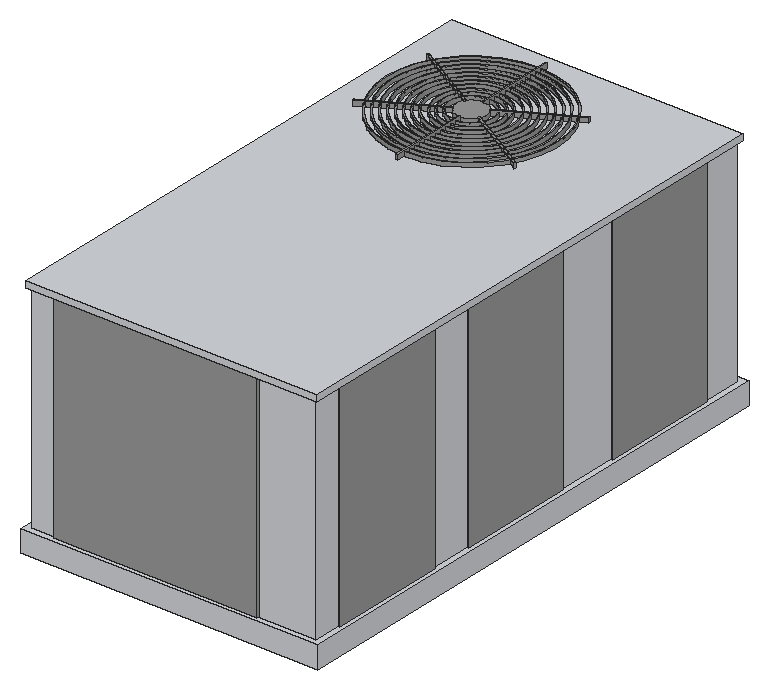
Revit family "RTU-2", category Mechanical Equipment, host Face, Revit 2025
Family settings
  Host = Face
  Round Connector Dimension = Use Diameter
  Classification = None
  Part Type = Normal
  Cut with Voids When Loaded = No
  Maintain Annotation Orientation = No
  Shared = No
  Room Calculation Point = No
Parameters (values of type "LCH 072 H4E E 1Y")
  Width = 47"
  URL = "https://tech.lennoxintl.com/C03e7o14l/VIu12Ch2uV/ehb_lch_abox_2103.pdf"
  Model = "LCH 072 H4E E 1Y"
  Manufacturer = "LENNOX"
  Length = 85 1/4"
  Grill Material = Steel, Paint Finish, Dark Gray
  Default Elevation = 48"
Reference planes (in)
  plane 1 "Center (Front/Back)": y = 0
  plane 2: z = 0
  plane 3 "Center (Left/Right)": x = 0
  plane 4: x = -30.90625
  plane 5: x = -31.90625
  plane 6: x = -32.90625
  plane 7: x = -33.90625
  plane 8: x = -34.90625
  plane 9: x = -35.90625
  plane 10: x = -36.90625
  plane 11: x = -37.90625
  plane 12: x = -38.90625
  plane 13: x = -39.90625
  plane 14: x = -40.90625
  plane 15: x = -42.34375
  plane 16: x = -41.03125
  plane 17: x = -41.90625
  plane 18: x = -41.90567
  plane 19: y = 22.75058
  plane 20: y = 21.75058
  plane 21: y = 20.75058
  plane 22: y = 19.75058
  plane 23: y = 18.75058
  plane 24: y = 17.75058
  plane 25: y = 16.75058
  plane 26: y = 15.75058
  plane 27: y = 14.75058
  plane 28: y = 13.75058
  plane 29: y = 12.75058
  plane 30: y = 11.31308
  plane 31: y = 12.62558
  plane 32: y = 11.75058
  plane 33: y = 11.75117
  plane 34: through (-19.01548, 19.50279, 94.70355) normal (0.866, 0.5, 0)
  plane 35: through (-17.13782, 18.87558, 94.70355) normal (-0.866, -0.5, 0)
  plane 36: through (6.39048, 19.50279, 94.70355) normal (0.866, -0.5, 0)
  plane 37: through (4.51282, 18.87558, 94.70355) normal (-0.866, 0.5, 0)
  plane 38: y = 38.93808
  plane 39: y = 37.62558
  plane 40: through (-19.01548, 30.74838, 94.70355) normal (-0.866, 0.5, 0)
  plane 41: through (-17.13782, 31.37558, 94.70355) normal (0.866, -0.5, 0)
  plane 42: through (6.39048, 30.74838, 94.70355) normal (-0.866, -0.5, 0)
  plane 43: through (4.51282, 31.37558, 94.70355) normal (0.866, 0.5, 0)
  plane 44: through (-34.15405, 50.35923, 110.75) normal (0.5, -0.866, 0)
  plane 45: through (-34.78125, 48.48157, 110.75) normal (-0.5, 0.866, 0)
  plane 46: through (-34.15405, 24.95327, 110.75) normal (-0.5, -0.866, 0)
  plane 47: through (-34.78125, 26.83093, 110.75) normal (0.5, 0.866, 0)
  plane 48: x = -14.71875
  plane 49: x = -16.03125
  plane 50: through (-22.90845, 50.35923, 110.75) normal (0.5, 0.866, 0)
  plane 51: through (-22.28125, 48.48157, 110.75) normal (-0.5, -0.866, 0)
  plane 52: through (-22.90845, 24.95327, 110.75) normal (-0.5, 0.866, 0)
  plane 53: through (-22.28125, 26.83093, 110.75) normal (0.5, -0.866, 0)
  plane 54: y = 16.875
  plane 55: x = 14
  plane 56: y = -16.125
  plane 57: x = 16.875
  plane 58: y = -0.75
  plane 59: x = -8.5
Forms (in)
  Extrusion 1, solid
    sketch origin (0, 0, 0) x (1, 0, 0) y (0, 1, 0)
      loop
        line (-23.5, 42.625) -> (-23.5, -42.625) -> (23.5, -42.625) -> (23.5, 42.625) -> (-23.5, 42.625)
    from 0 to 3.5
  Extrusion 2, solid, material "Steel, Paint Finish, Dark Gray" <- "Grill Material", not visible
    sketch origin (0, 0, 54.625) x (1, 0, 0) y (0, 1, 0)
      loop
        circle (-28.53125, 37.65625) r 2.375
      loop
        circle (-28.53125, 37.65625) r 3.375
      loop
        circle (-28.53125, 37.65625) r 3.5
      loop
        circle (-28.53125, 37.65625) r 4.375
      loop
        circle (-28.53125, 37.65625) r 5.25
      loop
        circle (-28.53125, 37.65625) r 4.5
      loop
        circle (-28.53125, 37.65625) r 5.375
      loop
        circle (-28.53125, 37.65625) r 6.375
      loop
        circle (-28.53125, 37.65625) r 7.375
      loop
        circle (-28.53125, 37.65625) r 9.375
      loop
        circle (-28.53125, 37.65625) r 10.375
      loop
        circle (-28.53125, 37.65625) r 11.375
      loop
        circle (-28.53125, 37.65625) r 12.375
      loop
        circle (-28.53125, 37.65625) r 12.5
      loop
        circle (-28.53125, 37.65625) r 7.5
      loop
        circle (-28.53125, 37.65625) r 9.5
      loop
        circle (-28.53125, 37.65625) r 10.5
      loop
        circle (-28.53125, 37.65625) r 11.5
      loop
        circle (-28.53125, 37.65625) r 8.375
      loop
        circle (-28.53125, 37.65625) r 8.5
      loop
        circle (-28.53125, 37.65625) r 6.5
      loop
        circle (-28.53125, 37.65625) r 13.375
      loop
        circle (-28.53125, 37.65625) r 13.5
    from 0 to 0.625
  Extrusion 3, solid, material "Steel, Paint Finish, Dark Gray" <- "Grill Material", not visible
    sketch origin (0, 0, 55.75) x (1, 0, 0) y (0, 1, 0)
      loop
        line (-43.28067, 37.78125) -> (-43.28067, 37.53125) -> (-30.90296, 37.53125)
        arc (-30.90296, 37.53125) -> (-30.90543, 37.59373) -> (-30.90625, 37.65625) r 2.375
        arc (-30.90625, 37.65625) -> (-30.90543, 37.71877) -> (-30.90296, 37.78125) r 2.375
        line (-30.90296, 37.78125) -> (-43.28067, 37.78125)
    from -1.125 to -0.3427
  Extrusion 4, solid, material "Steel, Paint Finish, Dark Gray" <- "Grill Material"
    sketch origin (31.34375, 53.65683, 38.57855) x (0, 1, 0) y (-1, 0, 0)
      loop
        circle (-28.53125, 37.65625) r 2.375
      loop
        circle (-28.53125, 37.65625) r 3.375
      loop
        circle (-28.53125, 37.65625) r 3.5
      loop
        circle (-28.53125, 37.65625) r 4.375
      loop
        circle (-28.53125, 37.65625) r 5.25
      loop
        circle (-28.53125, 37.65625) r 4.5
      loop
        circle (-28.53125, 37.65625) r 5.375
      loop
        circle (-28.53125, 37.65625) r 6.375
      loop
        circle (-28.53125, 37.65625) r 7.375
      loop
        circle (-28.53125, 37.65625) r 9.375
      loop
        circle (-28.53125, 37.65625) r 10.375
      loop
        circle (-28.53125, 37.65625) r 11.375
      loop
        circle (-28.53125, 37.65625) r 12.375
      loop
        circle (-28.53125, 37.65625) r 12.5
      loop
        circle (-28.53125, 37.65625) r 7.5
      loop
        circle (-28.53125, 37.65625) r 9.5
      loop
        circle (-28.53125, 37.65625) r 10.5
      loop
        circle (-28.53125, 37.65625) r 11.5
      loop
        circle (-28.53125, 37.65625) r 8.375
      loop
        circle (-28.53125, 37.65625) r 8.5
      loop
        circle (-28.53125, 37.65625) r 6.5
      loop
        circle (-28.53125, 37.65625) r 13.375
      loop
        circle (-28.53125, 37.65625) r 13.5
    from 0 to 0.625
  Extrusion 5, solid, material "Steel, Paint Finish, Dark Gray" <- "Grill Material"
    sketch origin (31.34375, 53.65683, 39.70355) x (0, 1, 0) y (-1, 0, 0)
      loop
        line (-43.28067, 37.78125) -> (-43.28067, 37.53125) -> (-30.90296, 37.53125)
        arc (-30.90296, 37.53125) -> (-30.90543, 37.59373) -> (-30.90625, 37.65625) r 2.375
        arc (-30.90625, 37.65625) -> (-30.90543, 37.71877) -> (-30.90296, 37.78125) r 2.375
        line (-30.90296, 37.78125) -> (-43.28067, 37.78125)
    from -1.125 to -0.3427
  Extrusion 6, solid, material "Steel, Paint Finish, Dark Gray" <- "Grill Material"
    sketch origin (37.22441, 6.77994, 39.70355) x (0.866025, 0.5, 0) y (-0.5, 0.866025, 0)
      loop
        line (-43.28067, 37.78125) -> (-43.28067, 37.53125) -> (-30.90296, 37.53125)
        arc (-30.90296, 37.53125) -> (-30.90543, 37.59373) -> (-30.90625, 37.65625) r 2.375
        arc (-30.90625, 37.65625) -> (-30.90543, 37.71877) -> (-30.90296, 37.78125) r 2.375
        line (-30.90296, 37.78125) -> (-43.28067, 37.78125)
    from -1.125 to -0.3427
  Extrusion 7, solid, material "Steel, Paint Finish, Dark Gray" <- "Grill Material"
    sketch origin (-49.84941, 6.77994, 39.70355) x (-0.866025, 0.5, 0) y (-0.5, -0.866025, 0)
      loop
        line (-43.28067, -37.78125) -> (-30.90296, -37.78125)
        arc (-30.90296, -37.78125) -> (-30.90543, -37.71877) -> (-30.90625, -37.65625) r 2.375
        arc (-30.90625, -37.65625) -> (-30.90543, -37.59373) -> (-30.90296, -37.53125) r 2.375
        line (-30.90296, -37.53125) -> (-43.28067, -37.53125) -> (-43.28067, -37.78125)
    from -1.125 to -0.3427
  Extrusion 8, solid, material "Steel, Paint Finish, Dark Gray" <- "Grill Material"
    sketch origin (31.34375, -3.40567, 39.70355) x (0, -1, 0) y (1, 0, 0)
      loop
        line (-43.28067, -37.78125) -> (-30.90296, -37.78125)
        arc (-30.90296, -37.78125) -> (-30.90543, -37.71877) -> (-30.90625, -37.65625) r 2.375
        arc (-30.90625, -37.65625) -> (-30.90543, -37.59373) -> (-30.90296, -37.53125) r 2.375
        line (-30.90296, -37.53125) -> (-43.28067, -37.53125) -> (-43.28067, -37.78125)
    from -1.125 to -0.3427
  Extrusion 9, solid, material "Steel, Paint Finish, Dark Gray" <- "Grill Material"
    sketch origin (37.22441, 43.47123, 39.70355) x (0.866025, -0.5, 0) y (0.5, 0.866025, 0)
      loop
        line (-43.28067, -37.78125) -> (-30.90296, -37.78125)
        arc (-30.90296, -37.78125) -> (-30.90543, -37.71877) -> (-30.90625, -37.65625) r 2.375
        arc (-30.90625, -37.65625) -> (-30.90543, -37.59373) -> (-30.90296, -37.53125) r 2.375
        line (-30.90296, -37.53125) -> (-43.28067, -37.53125) -> (-43.28067, -37.78125)
    from -1.125 to -0.3427
  Extrusion 10, solid, material "Steel, Paint Finish, Dark Gray" <- "Grill Material"
    sketch origin (-49.84941, 43.47123, 39.70355) x (-0.866025, -0.5, 0) y (0.5, -0.866025, 0)
      loop
        line (-43.28067, 37.78125) -> (-43.28067, 37.53125) -> (-30.90296, 37.53125)
        arc (-30.90296, 37.53125) -> (-30.90543, 37.59373) -> (-30.90625, 37.65625) r 2.375
        arc (-30.90625, 37.65625) -> (-30.90543, 37.71877) -> (-30.90296, 37.78125) r 2.375
        line (-30.90296, 37.78125) -> (-43.28067, 37.78125)
    from -1.125 to -0.3427
  Extrusion 11, solid, material "Steel, Paint Finish, Dark Gray" <- "Grill Material", not visible
    sketch origin (-46.87689, -5.88066, 55.75) x (0.5, -0.866025, 0) y (0.866025, 0.5, 0)
      loop
        line (-43.28067, 37.78125) -> (-43.28067, 37.53125) -> (-30.90296, 37.53125)
        arc (-30.90296, 37.53125) -> (-30.90543, 37.59373) -> (-30.90625, 37.65625) r 2.375
        arc (-30.90625, 37.65625) -> (-30.90543, 37.71877) -> (-30.90296, 37.78125) r 2.375
        line (-30.90296, 37.78125) -> (-43.28067, 37.78125)
    from -1.125 to -0.3427
  Extrusion 12, solid, material "Steel, Paint Finish, Dark Gray" <- "Grill Material", not visible
    sketch origin (-46.87689, 81.19316, 55.75) x (0.5, 0.866025, 0) y (-0.866025, 0.5, 0)
      loop
        line (-43.28067, -37.78125) -> (-30.90296, -37.78125)
        arc (-30.90296, -37.78125) -> (-30.90543, -37.71877) -> (-30.90625, -37.65625) r 2.375
        arc (-30.90625, -37.65625) -> (-30.90543, -37.59373) -> (-30.90296, -37.53125) r 2.375
        line (-30.90296, -37.53125) -> (-43.28067, -37.53125) -> (-43.28067, -37.78125)
    from -1.125 to -0.3427
  Extrusion 13, solid, material "Steel, Paint Finish, Dark Gray" <- "Grill Material", not visible
    sketch origin (-57.0625, 0, 55.75) x (-1, 0, 0) y (0, -1, 0)
      loop
        line (-43.28067, -37.78125) -> (-30.90296, -37.78125)
        arc (-30.90296, -37.78125) -> (-30.90543, -37.71877) -> (-30.90625, -37.65625) r 2.375
        arc (-30.90625, -37.65625) -> (-30.90543, -37.59373) -> (-30.90296, -37.53125) r 2.375
        line (-30.90296, -37.53125) -> (-43.28067, -37.53125) -> (-43.28067, -37.78125)
    from -1.125 to -0.3427
  Extrusion 14, solid, material "Steel, Paint Finish, Dark Gray" <- "Grill Material", not visible
    sketch origin (-10.18561, -5.88066, 55.75) x (-0.5, -0.866025, 0) y (0.866025, -0.5, 0)
      loop
        line (-43.28067, -37.78125) -> (-30.90296, -37.78125)
        arc (-30.90296, -37.78125) -> (-30.90543, -37.71877) -> (-30.90625, -37.65625) r 2.375
        arc (-30.90625, -37.65625) -> (-30.90543, -37.59373) -> (-30.90296, -37.53125) r 2.375
        line (-30.90296, -37.53125) -> (-43.28067, -37.53125) -> (-43.28067, -37.78125)
    from -1.125 to -0.3427
  Extrusion 15, solid, material "Steel, Paint Finish, Dark Gray" <- "Grill Material", not visible
    sketch origin (-10.18561, 81.19316, 55.75) x (-0.5, 0.866025, 0) y (-0.866025, -0.5, 0)
      loop
        line (-43.28067, 37.78125) -> (-43.28067, 37.53125) -> (-30.90296, 37.53125)
        arc (-30.90296, 37.53125) -> (-30.90543, 37.59373) -> (-30.90625, 37.65625) r 2.375
        arc (-30.90625, 37.65625) -> (-30.90543, 37.71877) -> (-30.90296, 37.78125) r 2.375
        line (-30.90296, 37.78125) -> (-43.28067, 37.78125)
    from -1.125 to -0.3427
  Extrusion 16, solid
    sketch origin (0, 0, 0) x (1, 0, 0) y (0, 1, 0)
      loop
        line (-22.5, 41.625) -> (-22.5, -41.625) -> (22.5, -41.625) -> (22.5, 41.625) -> (-22.5, 41.625)
    from 3.5 to 37.57855
  Extrusion 17, void
    sketch origin (0, 0, 0) x (1, 0, 0) y (0, 1, 0)
      loop
        line (-18.5, 8.25) -> (-18.5, -9.75) -> (1.5, -9.75) -> (1.5, 8.25) -> (-18.5, 8.25)
      loop
        line (-18, -26.25) -> (-18, -37.25) -> (12, -37.25) -> (12, -26.25) -> (-18, -26.25)
      loop
        arc (13.5, 20.875) -> (12.79289, 20.58211) -> (12.5, 19.875) r 1
        line (12.5, 19.875) -> (12.5, 13.875)
        arc (12.5, 13.875) -> (12.79289, 13.16789) -> (13.5, 12.875) r 1
        line (13.5, 12.875) -> (14.5, 12.875)
        arc (14.5, 12.875) -> (15.20711, 13.16789) -> (15.5, 13.875) r 1
        line (15.5, 13.875) -> (15.5, 19.875)
        arc (15.5, 19.875) -> (15.20711, 20.58211) -> (14.5, 20.875) r 1
        line (14.5, 20.875) -> (13.5, 20.875)
      loop
        circle (16.875, -16.125) r 1
    from 0 to 3.5
  Extrusion 18, solid
    sketch origin (0, 0, 0) x (1, 0, 0) y (0, 1, 0)
      loop
        line (-23, 42.125) -> (-23, -42.125) -> (23, -42.125) -> (23, 42.125) -> (-23, 42.125)
    from 37.57855 to 38.57855
  Extrusion 19, void
    sketch origin (0, 0, 0) x (0, 1, 0) y (0, 0, 1)
      loop
        line (39.875, 37.57855) -> (10.75738, 37.57855) -> (10.75738, 3.5) -> (39.875, 3.5) -> (39.875, 37.57855)
    from -23.5 to -21.24899
Cuts and joins
  Extrusion 17, Extrusion 19 cuts Extrusion 1
  Extrusion 17, Extrusion 19 cuts Extrusion 16
  Extrusion 19 cuts Extrusion 18
Dimensions and locks (in)
  equal spacing: Extrusion 1 sketch curve, plane 1 "Center (Front/Back)", Extrusion 1 sketch curve
  equal spacing: Extrusion 1 sketch curve, plane 3 "Center (Left/Right)", Extrusion 1 sketch curve
  "Width": Extrusion 1 sketch curve to Extrusion 1 sketch curve
  "Length": Extrusion 1 sketch curve to Extrusion 1 sketch curve
  Extrusion 1 to Extrusion 17 sketch curve = 5 3/8"
  Extrusion 1 to Extrusion 17 sketch curve = 5 1/2"
  Extrusion 1 to Extrusion 17 sketch curve = 5"
  Extrusion 1 to plane 54 = 25 3/4"
  plane 55 to Extrusion 1 = 9 1/2"
  plane 57 to Extrusion 1 = 6 5/8"
  plane 56 to Extrusion 1 = 26 1/2"
  nested 5 to level = 5 1/2"
  nested 5 to Extrusion 18 = 2"
  nested 6 to nested 5 = 18 3/8"
  cut or joined group of Extrusion 16, Extrusion 17, Extrusion 19 to cut or joined group of Extrusion 16, Extrusion 17, Extrusion 19 = 29.11762"
  equal spacing: group 3, group 4, group 5, group 6, group 7, group 8, group 9, group 10, group 11, group 12, group 13, group 14, group 15, group 16, group 17, group 18, group 19, group 20, group 21  (x2)
  equal spacing: group 21, group 20, group 19, group 18, group 17, group 16, group 15, group 14, group 13, group 12, group 11, group 10, group 9, group 8, group 7, group 6, group 5, group 4, group 3
  aligned and locked: plane 2 to host face
  aligned and locked: level to host face
Automatic sketch dimensions
  host sketch curve to host sketch curve = 96"  (x2)
  Extrusion 4 sketch curve to Extrusion 4 sketch curve = 0"  (x297)
  Extrusion 5 sketch curve to Extrusion 5 sketch curve = 2.37171"
  Extrusion 6 sketch curve to Extrusion 6 sketch curve = 2.37171"
  Extrusion 6 sketch curve to plane 34 = 0.93692"
  Extrusion 7 sketch curve to Extrusion 7 sketch curve = 2.37171"
  Extrusion 7 sketch curve to Extrusion 7 sketch curve = 0"  (x3)
  Extrusion 7 sketch curve to plane 36 = 0.93692"
  Extrusion 7 sketch curve to Extrusion 7 sketch curve = 1/8"
  Extrusion 8 sketch curve to Extrusion 8 sketch curve = 2.37171"
  Extrusion 8 sketch curve to plane 38 = 0.93692"
  Extrusion 9 sketch curve to Extrusion 9 sketch curve = 2.37171"
  Extrusion 9 sketch curve to Extrusion 9 sketch curve = 0"  (x3)
  Extrusion 9 sketch curve to plane 40 = 0.93692"
  Extrusion 9 sketch curve to Extrusion 9 sketch curve = 1/8"
  Extrusion 10 sketch curve to Extrusion 10 sketch curve = 2.37171"
  Extrusion 10 sketch curve to plane 42 = 0.93692"
  Extrusion 2 sketch curve to Extrusion 2 sketch curve = 0"  (x297)
  Extrusion 3 sketch curve to Extrusion 3 sketch curve = 2.37171"
  Extrusion 4 sketch curve to plane 19 = 2 3/8"
  Extrusion 5 sketch curve to Extrusion 5 sketch curve = 0"  (x3)
  Extrusion 5 sketch curve to plane 31 = 10.12829"
  Extrusion 6 sketch curve to Extrusion 6 sketch curve = 0"  (x3)
  Extrusion 6 sketch curve to plane 35 = 10.12829"
  Extrusion 6 sketch curve to Extrusion 6 sketch curve = 1/8"
  Extrusion 7 sketch curve to plane 37 = 10.12829"
  Extrusion 8 sketch curve to Extrusion 8 sketch curve = 0"  (x4)
  Extrusion 8 sketch curve to plane 39 = 10.12829"
  Extrusion 9 sketch curve to plane 41 = 10.12829"
  Extrusion 10 sketch curve to Extrusion 10 sketch curve = 0"  (x3)
  Extrusion 10 sketch curve to plane 43 = 10.12829"
  Extrusion 10 sketch curve to Extrusion 10 sketch curve = 1/8"
  Extrusion 5 sketch curve to plane 30 = 0.93692"
  Extrusion 5 sketch curve to Extrusion 5 sketch curve = 1/8"
  plane 33 to Extrusion 6 sketch curve = 5.89145"
  plane 33 to Extrusion 7 sketch curve = 12.29681"
  Extrusion 8 sketch curve to Extrusion 8 sketch curve = 1/8"
  plane 33 to Extrusion 9 sketch curve = 14.45202"
  plane 33 to Extrusion 10 sketch curve = 20.85738"
  Extrusion 2 sketch curve to plane 4 = 2 3/8"
  Extrusion 3 sketch curve to Extrusion 3 sketch curve = 0"  (x3)
  Extrusion 3 sketch curve to plane 16 = 10.12829"
  Extrusion 11 sketch curve to Extrusion 11 sketch curve = 0"  (x3)
  Extrusion 11 sketch curve to plane 45 = 10.12829"
  Extrusion 11 sketch curve to Extrusion 11 sketch curve = 1/8"
  Extrusion 12 sketch curve to Extrusion 12 sketch curve = 0"  (x2)
  Extrusion 12 sketch curve to plane 47 = 10.12829"
  Extrusion 13 sketch curve to Extrusion 13 sketch curve = 0"  (x4)
  Extrusion 13 sketch curve to plane 49 = 10.12829"
  Extrusion 14 sketch curve to Extrusion 14 sketch curve = 0"  (x2)
  Extrusion 14 sketch curve to plane 51 = 10.12829"
  Extrusion 15 sketch curve to Extrusion 15 sketch curve = 0"  (x3)
  Extrusion 15 sketch curve to plane 53 = 10.12829"
  Extrusion 15 sketch curve to Extrusion 15 sketch curve = 1/8"
  Extrusion 3 sketch curve to plane 15 = 0.93692"
  Extrusion 3 sketch curve to Extrusion 3 sketch curve = 1/8"
  plane 18 to Extrusion 11 sketch curve = 5.89145"
  plane 18 to Extrusion 12 sketch curve = 12.29681"
  Extrusion 13 sketch curve to Extrusion 13 sketch curve = 1/8"
  plane 18 to Extrusion 14 sketch curve = 14.45202"
  plane 18 to Extrusion 15 sketch curve = 20.85738"
  Extrusion 16 sketch curve to plane 3 "Center (Left/Right)" = 22 1/2"
  plane 3 "Center (Left/Right)" to Extrusion 16 sketch curve = 22 1/2"
  plane 1 "Center (Front/Back)" to Extrusion 16 sketch curve = 41 5/8"
  plane 33 to Extrusion 16 sketch curve = 29.87383"
  Extrusion 17 sketch curve to plane 56 = 0"
  Extrusion 17 sketch curve to plane 57 = 0"
  plane 3 "Center (Left/Right)" to Extrusion 17 sketch curve = 1 1/2"
  Extrusion 17 sketch curve to plane 55 = 2"
  Extrusion 17 sketch curve to plane 55 = 1 1/2"
  Extrusion 17 sketch curve to plane 55 = 1/2"  (x2)
  plane 55 to Extrusion 17 sketch curve = 1/2"  (x2)
  Extrusion 17 sketch curve to Extrusion 17 sketch curve = 1"
  Extrusion 17 sketch curve to plane 56 = 10 1/8"
  plane 56 to Extrusion 17 sketch curve = 6 3/8"
  Extrusion 17 sketch curve to plane 33 = 3.50117"
  plane 33 to Extrusion 17 sketch curve = 1.12383"
  plane 54 to Extrusion 17 sketch curve = 3"
  Extrusion 18 sketch curve to plane 3 "Center (Left/Right)" = 23"
  plane 3 "Center (Left/Right)" to Extrusion 18 sketch curve = 23"
  plane 1 "Center (Front/Back)" to Extrusion 18 sketch curve = 42 1/8"
  plane 33 to Extrusion 18 sketch curve = 30.37383"
  Extrusion 19 sketch curve to plane 33 = 0.99379"
  level to Extrusion 19 sketch curve = 3 1/2"
  plane 33 to Extrusion 19 sketch curve = 28.12383"
  Extrusion 19 sketch curve to Extrusion 19 sketch curve = 34.07855"
  radius of Extrusion 4 sketch curve = 2 3/8"
  radius of Extrusion 4 sketch curve = 3 3/8"
  radius of Extrusion 4 sketch curve = 3 1/2"
  radius of Extrusion 4 sketch curve = 4 3/8"
  radius of Extrusion 4 sketch curve = 5 1/4"
  radius of Extrusion 4 sketch curve = 4 1/2"
  radius of Extrusion 4 sketch curve = 5 3/8"
  radius of Extrusion 4 sketch curve = 6 3/8"
  radius of Extrusion 4 sketch curve = 7 3/8"
  radius of Extrusion 4 sketch curve = 9 3/8"
  radius of Extrusion 4 sketch curve = 10 3/8"
  radius of Extrusion 4 sketch curve = 11 3/8"
  radius of Extrusion 4 sketch curve = 12 3/8"
  radius of Extrusion 4 sketch curve = 12 1/2"
  radius of Extrusion 4 sketch curve = 7 1/2"
  radius of Extrusion 4 sketch curve = 9 1/2"
  radius of Extrusion 4 sketch curve = 10 1/2"
  radius of Extrusion 4 sketch curve = 11 1/2"
  radius of Extrusion 4 sketch curve = 8 3/8"
  radius of Extrusion 4 sketch curve = 8 1/2"
  radius of Extrusion 4 sketch curve = 6 1/2"
  radius of Extrusion 4 sketch curve = 13 3/8"
  radius of Extrusion 4 sketch curve = 13 1/2"
  radius of Extrusion 2 sketch curve = 2 3/8"
  radius of Extrusion 2 sketch curve = 3 3/8"
  radius of Extrusion 2 sketch curve = 3 1/2"
  radius of Extrusion 2 sketch curve = 4 3/8"
  radius of Extrusion 2 sketch curve = 5 1/4"
  radius of Extrusion 2 sketch curve = 4 1/2"
  radius of Extrusion 2 sketch curve = 5 3/8"
  radius of Extrusion 2 sketch curve = 6 3/8"
  radius of Extrusion 2 sketch curve = 7 3/8"
  radius of Extrusion 2 sketch curve = 9 3/8"
  radius of Extrusion 2 sketch curve = 10 3/8"
  radius of Extrusion 2 sketch curve = 11 3/8"
  radius of Extrusion 2 sketch curve = 12 3/8"
  radius of Extrusion 2 sketch curve = 12 1/2"
  radius of Extrusion 2 sketch curve = 7 1/2"
  radius of Extrusion 2 sketch curve = 9 1/2"
  radius of Extrusion 2 sketch curve = 10 1/2"
  radius of Extrusion 2 sketch curve = 11 1/2"
  radius of Extrusion 2 sketch curve = 8 3/8"
  radius of Extrusion 2 sketch curve = 8 1/2"
  radius of Extrusion 2 sketch curve = 6 1/2"
  radius of Extrusion 2 sketch curve = 13 3/8"
  radius of Extrusion 2 sketch curve = 13 1/2"
  radius of Extrusion 17 sketch curve = 1"
Nested families (in)
  nested 1: "Panel" at (22.5, -27.875, 20.53928) x (0, 1, 0) z (1, 0, 0), type "Panel"
    with Width 18 3/4", Length 34.07855"
  nested 2: "Panel" at (22.5, -2.4375, 20.53928) x (0, 1, 0) z (1, 0, 0), type "Panel"
    with Width 18 3/4", Length 34.07855"
  nested 3: "Panel" at (22.5, 26.0625, 20.53928) x (0, 1, 0) z (1, 0, 0), type "Panel"
    with Width 18 3/4", Length 34.07855"
  nested 4: "Panel" at (-2.71875, -41.625, 20.53928) x (-1, 0, 0) z (0, -1, 0), type "Panel"
    with Width 32 3/16", Length 34.07855"
  nested 5: "Panel" at (-22.5, -34.625, 20) x (0, 1, 0) z (-1, 0, 0), type "Panel"
    with Width 11", Length 29"
  nested 6: "Panel" at (-22.5, -1, 15.5) x (0, 1, 0) z (-1, 0, 0), type "Panel"
    with Width 19 1/2", Length 20"
  nested 7: "Family1" at (-21.5, 39.875, 35.95355) x (0, -1, 0) z (-1, 0, 0), type "Family1"
    with Space 233/256", built-in parameter 1001306 2.4792 (stored number, unit not read), Count 32
  nested 8: "Family1" at (-21.5, 39.875, 34.20355) x (0, -1, 0) z (-1, 0, 0), type "Family1"
    with Space 233/256", built-in parameter 1001306 2.4792 (stored number, unit not read), Count 32
  nested 9: "Family1" at (-21.5, 39.875, 32.45355) x (0, -1, 0) z (-1, 0, 0), type "Family1"
    with Space 233/256", built-in parameter 1001306 2.4792 (stored number, unit not read), Count 32
  nested 10: "Family1" at (-21.5, 39.875, 30.70355) x (0, -1, 0) z (-1, 0, 0), type "Family1"
    with Space 233/256", built-in parameter 1001306 2.4792 (stored number, unit not read), Count 32
  nested 11: "Family1" at (-21.5, 39.875, 28.95355) x (0, -1, 0) z (-1, 0, 0), type "Family1"
    with Space 233/256", built-in parameter 1001306 2.4792 (stored number, unit not read), Count 32
  nested 12: "Family1" at (-21.5, 39.875, 27.20355) x (0, -1, 0) z (-1, 0, 0), type "Family1"
    with Space 233/256", built-in parameter 1001306 2.4792 (stored number, unit not read), Count 32
  nested 13: "Family1" at (-21.5, 39.875, 25.45355) x (0, -1, 0) z (-1, 0, 0), type "Family1"
    with Space 233/256", built-in parameter 1001306 2.4792 (stored number, unit not read), Count 32
  nested 14: "Family1" at (-21.5, 39.875, 23.70355) x (0, -1, 0) z (-1, 0, 0), type "Family1"
    with Space 233/256", built-in parameter 1001306 2.4792 (stored number, unit not read), Count 32
  nested 15: "Family1" at (-21.5, 39.875, 21.95355) x (0, -1, 0) z (-1, 0, 0), type "Family1"
    with Space 233/256", built-in parameter 1001306 2.4792 (stored number, unit not read), Count 32
  nested 16: "Family1" at (-21.5, 39.875, 20.20355) x (0, -1, 0) z (-1, 0, 0), type "Family1"
    with Space 233/256", built-in parameter 1001306 2.4792 (stored number, unit not read), Count 32
  nested 17: "Family1" at (-21.5, 39.875, 18.45355) x (0, -1, 0) z (-1, 0, 0), type "Family1"
    with Space 233/256", built-in parameter 1001306 2.4792 (stored number, unit not read), Count 32
  nested 18: "Family1" at (-21.5, 39.875, 16.70355) x (0, -1, 0) z (-1, 0, 0), type "Family1"
    with Space 233/256", built-in parameter 1001306 2.4792 (stored number, unit not read), Count 32
  nested 19: "Family1" at (-21.5, 39.875, 14.95355) x (0, -1, 0) z (-1, 0, 0), type "Family1"
    with Space 233/256", built-in parameter 1001306 2.4792 (stored number, unit not read), Count 32
  nested 20: "Family1" at (-21.5, 39.875, 13.20355) x (0, -1, 0) z (-1, 0, 0), type "Family1"
    with Space 233/256", built-in parameter 1001306 2.4792 (stored number, unit not read), Count 32
  nested 21: "Family1" at (-21.5, 39.875, 11.45355) x (0, -1, 0) z (-1, 0, 0), type "Family1"
    with Space 233/256", built-in parameter 1001306 2.4792 (stored number, unit not read), Count 32
  nested 22: "Family1" at (-21.5, 39.875, 9.70355) x (0, -1, 0) z (-1, 0, 0), type "Family1"
    with Space 233/256", built-in parameter 1001306 2.4792 (stored number, unit not read), Count 32
  nested 23: "Family1" at (-21.5, 39.875, 7.95355) x (0, -1, 0) z (-1, 0, 0), type "Family1"
    with Space 233/256", built-in parameter 1001306 2.4792 (stored number, unit not read), Count 32
  nested 24: "Family1" at (-21.5, 39.875, 6.20355) x (0, -1, 0) z (-1, 0, 0), type "Family1"
    with Space 233/256", built-in parameter 1001306 2.4792 (stored number, unit not read), Count 32
  nested 25: "Family1" at (-21.5, 39.875, 4.45355) x (0, -1, 0) z (-1, 0, 0), type "Family1"
    with Space 233/256", built-in parameter 1001306 2.4792 (stored number, unit not read), Count 32
Connectors (in)
  hvac at (-8.5, -0.75, 3.5)
    settings: on cut or joined group of Extrusion 1, Extrusion 17, Extrusion 19, index 1, duct flow 0 CFM, flow factor 0, pres drop 0.00 in-wg, loss coef 0, conn angle 0.00°, conn width 20", conn height 18", conn diameter 24", duct sys type 1, conn prof type 1, flow config 0, flow direction 0, loss method 0, conn ref index -1, conn util no, is conn primary yes, conn desc "supply"
  hvac at (-3, -31.75, 3.5)
    settings: on cut or joined group of Extrusion 1, Extrusion 17, Extrusion 19, index 2, duct flow 0 CFM, flow factor 0, pres drop 0.00 in-wg, loss coef 0, conn angle 0.00°, conn width 30", conn height 11", conn diameter 24", duct sys type 1, conn prof type 1, flow config 0, flow direction 0, loss method 0, conn ref index -1, conn util no, is conn primary no, conn desc "return"
Definition of nested family "Panel"
  Parameters (values of type "Panel")
    Width [instance] = 21 9/16"
    Material = none
    Length [instance] = 49 7/16"
    Default Elevation = 48"
  Reference planes (in)
    plane 1 "Center (Front/Back)": y = 0
    plane 2: z = 0
    plane 3 "Center (Left/Right)": x = 0
    plane 4: z = 0.25
    plane 5: x = -10.78125
    plane 6: x = 10.78125
    plane 7: y = 24.71875
    plane 8: y = -24.71875
  Forms (in)
    Extrusion 1, solid
      sketch origin (0, 0, 0) x (1, 0, 0) y (0, 1, 0)
        loop
          line (-48, 48) -> (-48, -48) -> (48, -48) -> (48, 48) -> (-48, 48)
      from 0 to -12
    Extrusion 2, solid, material <- "Material"
      sketch origin (0, 0, 0) x (1, 0, 0) y (0, 1, 0)
        loop
          line (-10.78125, 24.71875) -> (-10.78125, -24.71875) -> (10.78125, -24.71875) -> (10.78125, 24.71875) -> (-10.78125, 24.71875)
      from 0 to 0.25
  Dimensions and locks (in)
    plane 4 to plane 2 = 1/4"
    equal spacing: plane 5, plane 3 "Center (Left/Right)", plane 6
    equal spacing: plane 7, plane 1 "Center (Front/Back)", plane 8
    "Length": plane 7 to plane 8
    "Width": plane 5 to plane 6
    aligned and locked: plane 2 to Extrusion 1
    aligned and locked: level to Extrusion 1
    aligned and locked: plane 4 to Extrusion 2
    aligned and locked: Extrusion 2 to plane 6
    aligned and locked: Extrusion 2 to plane 5
    aligned and locked: plane 8 to Extrusion 2
    aligned and locked: plane 7 to Extrusion 2
  Automatic sketch dimensions
    Extrusion 1 sketch curve to Extrusion 1 sketch curve = 96"  (x2)
    plane 5 to Extrusion 2 sketch curve = 0"
    Extrusion 2 sketch curve to plane 6 = 0"
    plane 1 "Center (Front/Back)" to Extrusion 2 sketch curve = 24 23/32"
    Extrusion 2 sketch curve to plane 1 "Center (Front/Back)" = 24 23/32"
Definition of nested family "Family1"
  Parameters (values of type "Family1")
    Space [instance] = 233/256"
    built-in parameter 1001306 [instance] = 51"
    Depth = 1"
    Default Elevation = 0"
    Count [instance] = rounddown([built-in parameter 1001306] / Space)  # 56
  Reference planes (in)
    plane 1 "Center (Front/Back)": y = 0
    plane 2: z = 0
    plane 3 "Left": x = 0
    plane 4 "Right": x = 51
    plane 5: y = 1.25
    plane 6: x = 0.45496
    plane 7: z = 1
    plane 8: y = 1.25
    plane 9: x = 1.36489
    plane 10: y = 1.25
    plane 11: x = 2.27481
    plane 12: y = 1.25
    plane 13: x = 3.18474
    plane 14: x = 0.90993
    plane 15: y = 1.25
    plane 16: x = 4.09467
    plane 17: y = 1.25
    plane 18: x = 5.00459
    plane 19: y = 1.25
    plane 20: x = 5.91452
    plane 21: y = 1.25
    plane 22: x = 6.82444
    plane 23: y = 1.25
    plane 24: x = 7.73437
    plane 25: y = 1.25
    plane 26: x = 8.64429
    plane 27: y = 1.25
    plane 28: x = 9.55422
    plane 29: y = 1.25
    plane 30: x = 10.46414
    plane 31: y = 1.25
    plane 32: x = 11.37407
    plane 33: y = 1.25
    plane 34: x = 12.284
    plane 35: y = 1.25
    plane 36: x = 13.19392
    plane 37: y = 1.25
    plane 38: x = 14.10385
    plane 39: y = 1.25
    plane 40: x = 15.01377
    plane 41: y = 1.25
    plane 42: x = 15.9237
    plane 43: y = 1.25
    plane 44: x = 16.83362
    plane 45: y = 1.25
    plane 46: x = 17.74355
    plane 47: y = 1.25
    plane 48: x = 18.65347
    plane 49: y = 1.25
    plane 50: x = 19.5634
    plane 51: y = 1.25
    plane 52: x = 20.47333
    plane 53: y = 1.25
    plane 54: x = 21.38325
    plane 55: y = 1.25
    plane 56: x = 22.29318
    plane 57: y = 1.25
    plane 58: x = 23.2031
    plane 59: y = 1.25
    plane 60: x = 24.11303
    plane 61: y = 1.25
    plane 62: x = 25.02295
    plane 63: y = 1.25
    plane 64: x = 25.93288
    plane 65: y = 1.25
    plane 66: x = 26.8428
    plane 67: y = 1.25
    plane 68: x = 27.75273
    plane 69: y = 1.25
    plane 70: x = 28.66266
    plane 71: y = 1.25
    plane 72: x = 29.57258
    plane 73: y = 1.25
    plane 74: x = 30.48251
    plane 75: y = 1.25
    plane 76: x = 31.39243
    plane 77: y = 1.25
    plane 78: x = 32.30236
    plane 79: y = 1.25
    plane 80: x = 33.21228
    plane 81: y = 1.25
    plane 82: x = 34.12221
    plane 83: y = 1.25
    plane 84: x = 35.03214
    plane 85: y = 1.25
    plane 86: x = 35.94206
    plane 87: y = 1.25
    plane 88: x = 36.85199
    plane 89: y = 1.25
    plane 90: x = 37.76191
    plane 91: y = 1.25
    plane 92: x = 38.67184
    plane 93: y = 1.25
    plane 94: x = 39.58176
    plane 95: y = 1.25
    plane 96: x = 40.49169
    plane 97: y = 1.25
    plane 98: x = 41.40161
    plane 99: y = 1.25
    plane 100: x = 42.31154
    plane 101: y = 1.25
    plane 102: x = 43.22147
    plane 103: y = 1.25
    plane 104: x = 44.13139
    plane 105: y = 1.25
    plane 106: x = 45.04132
    plane 107: y = 1.25
    plane 108: x = 45.95124
    plane 109: y = 1.25
    plane 110: x = 46.86117
    plane 111: y = 1.25
    plane 112: x = 47.77109
    plane 113: y = 1.25
    plane 114: x = 48.68102
    plane 115: y = 1.25
    plane 116: x = 49.59094
    plane 117: y = 1.25
    plane 118: x = 50.50087
  Forms (in)
    Extrusion 1, solid
      sketch origin (0, 0, 0) x (1, 0, 0) y (0, 1, 0)
        loop
          line (0, 0) -> (0.06651, 0) -> (0.45496, 1.06726) -> (0.84341, 0) -> (0.90993, 0) -> (0.45496, 1.25) -> (0, 0)
      from 0 to 1
    Extrusion 2, solid
      sketch origin (0.90993, 0, 0) x (1, 0, 0) y (0, 1, 0)
        loop
          line (0, 0) -> (0.06651, 0) -> (0.45496, 1.06726) -> (0.84341, 0) -> (0.90993, 0) -> (0.45496, 1.25) -> (0, 0)
      from 0 to 1
    Extrusion 3, solid
      sketch origin (1.81985, 0, 0) x (1, 0, 0) y (0, 1, 0)
        loop
          line (0, 0) -> (0.06651, 0) -> (0.45496, 1.06726) -> (0.84341, 0) -> (0.90993, 0) -> (0.45496, 1.25) -> (0, 0)
      from 0 to 1
    Extrusion 4, solid
      sketch origin (2.72978, 0, 0) x (1, 0, 0) y (0, 1, 0)
        loop
          line (0, 0) -> (0.06651, 0) -> (0.45496, 1.06726) -> (0.84341, 0) -> (0.90993, 0) -> (0.45496, 1.25) -> (0, 0)
      from 0 to 1
    Extrusion 5, solid
      sketch origin (3.6397, 0, 0) x (1, 0, 0) y (0, 1, 0)
        loop
          line (0, 0) -> (0.06651, 0) -> (0.45496, 1.06726) -> (0.84341, 0) -> (0.90993, 0) -> (0.45496, 1.25) -> (0, 0)
      from 0 to 1
    Extrusion 6, solid
      sketch origin (4.54963, 0, 0) x (1, 0, 0) y (0, 1, 0)
        loop
          line (0, 0) -> (0.06651, 0) -> (0.45496, 1.06726) -> (0.84341, 0) -> (0.90993, 0) -> (0.45496, 1.25) -> (0, 0)
      from 0 to 1
    Extrusion 7, solid
      sketch origin (5.45955, 0, 0) x (1, 0, 0) y (0, 1, 0)
        loop
          line (0, 0) -> (0.06651, 0) -> (0.45496, 1.06726) -> (0.84341, 0) -> (0.90993, 0) -> (0.45496, 1.25) -> (0, 0)
      from 0 to 1
    Extrusion 8, solid
      sketch origin (6.36948, 0, 0) x (1, 0, 0) y (0, 1, 0)
        loop
          line (0, 0) -> (0.06651, 0) -> (0.45496, 1.06726) -> (0.84341, 0) -> (0.90993, 0) -> (0.45496, 1.25) -> (0, 0)
      from 0 to 1
    Extrusion 9, solid
      sketch origin (7.2794, 0, 0) x (1, 0, 0) y (0, 1, 0)
        loop
          line (0, 0) -> (0.06651, 0) -> (0.45496, 1.06726) -> (0.84341, 0) -> (0.90993, 0) -> (0.45496, 1.25) -> (0, 0)
      from 0 to 1
    Extrusion 10, solid
      sketch origin (8.18933, 0, 0) x (1, 0, 0) y (0, 1, 0)
        loop
          line (0, 0) -> (0.06651, 0) -> (0.45496, 1.06726) -> (0.84341, 0) -> (0.90993, 0) -> (0.45496, 1.25) -> (0, 0)
      from 0 to 1
    Extrusion 11, solid
      sketch origin (9.09926, 0, 0) x (1, 0, 0) y (0, 1, 0)
        loop
          line (0, 0) -> (0.06651, 0) -> (0.45496, 1.06726) -> (0.84341, 0) -> (0.90993, 0) -> (0.45496, 1.25) -> (0, 0)
      from 0 to 1
    Extrusion 12, solid
      sketch origin (10.00918, 0, 0) x (1, 0, 0) y (0, 1, 0)
        loop
          line (0, 0) -> (0.06651, 0) -> (0.45496, 1.06726) -> (0.84341, 0) -> (0.90993, 0) -> (0.45496, 1.25) -> (0, 0)
      from 0 to 1
    Extrusion 13, solid
      sketch origin (10.91911, 0, 0) x (1, 0, 0) y (0, 1, 0)
        loop
          line (0, 0) -> (0.06651, 0) -> (0.45496, 1.06726) -> (0.84341, 0) -> (0.90993, 0) -> (0.45496, 1.25) -> (0, 0)
      from 0 to 1
    Extrusion 14, solid
      sketch origin (11.82903, 0, 0) x (1, 0, 0) y (0, 1, 0)
        loop
          line (0, 0) -> (0.06651, 0) -> (0.45496, 1.06726) -> (0.84341, 0) -> (0.90993, 0) -> (0.45496, 1.25) -> (0, 0)
      from 0 to 1
    Extrusion 15, solid
      sketch origin (12.73896, 0, 0) x (1, 0, 0) y (0, 1, 0)
        loop
          line (0, 0) -> (0.06651, 0) -> (0.45496, 1.06726) -> (0.84341, 0) -> (0.90993, 0) -> (0.45496, 1.25) -> (0, 0)
      from 0 to 1
    Extrusion 16, solid
      sketch origin (13.64888, 0, 0) x (1, 0, 0) y (0, 1, 0)
        loop
          line (0, 0) -> (0.06651, 0) -> (0.45496, 1.06726) -> (0.84341, 0) -> (0.90993, 0) -> (0.45496, 1.25) -> (0, 0)
      from 0 to 1
    Extrusion 17, solid
      sketch origin (14.55881, 0, 0) x (1, 0, 0) y (0, 1, 0)
        loop
          line (0, 0) -> (0.06651, 0) -> (0.45496, 1.06726) -> (0.84341, 0) -> (0.90993, 0) -> (0.45496, 1.25) -> (0, 0)
      from 0 to 1
    Extrusion 18, solid
      sketch origin (15.46873, 0, 0) x (1, 0, 0) y (0, 1, 0)
        loop
          line (0, 0) -> (0.06651, 0) -> (0.45496, 1.06726) -> (0.84341, 0) -> (0.90993, 0) -> (0.45496, 1.25) -> (0, 0)
      from 0 to 1
    Extrusion 19, solid
      sketch origin (16.37866, 0, 0) x (1, 0, 0) y (0, 1, 0)
        loop
          line (0, 0) -> (0.06651, 0) -> (0.45496, 1.06726) -> (0.84341, 0) -> (0.90993, 0) -> (0.45496, 1.25) -> (0, 0)
      from 0 to 1
    Extrusion 20, solid
      sketch origin (17.28859, 0, 0) x (1, 0, 0) y (0, 1, 0)
        loop
          line (0, 0) -> (0.06651, 0) -> (0.45496, 1.06726) -> (0.84341, 0) -> (0.90993, 0) -> (0.45496, 1.25) -> (0, 0)
      from 0 to 1
    Extrusion 21, solid
      sketch origin (18.19851, 0, 0) x (1, 0, 0) y (0, 1, 0)
        loop
          line (0, 0) -> (0.06651, 0) -> (0.45496, 1.06726) -> (0.84341, 0) -> (0.90993, 0) -> (0.45496, 1.25) -> (0, 0)
      from 0 to 1
    Extrusion 22, solid
      sketch origin (19.10844, 0, 0) x (1, 0, 0) y (0, 1, 0)
        loop
          line (0, 0) -> (0.06651, 0) -> (0.45496, 1.06726) -> (0.84341, 0) -> (0.90993, 0) -> (0.45496, 1.25) -> (0, 0)
      from 0 to 1
    Extrusion 23, solid
      sketch origin (20.01836, 0, 0) x (1, 0, 0) y (0, 1, 0)
        loop
          line (0, 0) -> (0.06651, 0) -> (0.45496, 1.06726) -> (0.84341, 0) -> (0.90993, 0) -> (0.45496, 1.25) -> (0, 0)
      from 0 to 1
    Extrusion 24, solid
      sketch origin (20.92829, 0, 0) x (1, 0, 0) y (0, 1, 0)
        loop
          line (0, 0) -> (0.06651, 0) -> (0.45496, 1.06726) -> (0.84341, 0) -> (0.90993, 0) -> (0.45496, 1.25) -> (0, 0)
      from 0 to 1
    Extrusion 25, solid
      sketch origin (21.83821, 0, 0) x (1, 0, 0) y (0, 1, 0)
        loop
          line (0, 0) -> (0.06651, 0) -> (0.45496, 1.06726) -> (0.84341, 0) -> (0.90993, 0) -> (0.45496, 1.25) -> (0, 0)
      from 0 to 1
    Extrusion 26, solid
      sketch origin (22.74814, 0, 0) x (1, 0, 0) y (0, 1, 0)
        loop
          line (0, 0) -> (0.06651, 0) -> (0.45496, 1.06726) -> (0.84341, 0) -> (0.90993, 0) -> (0.45496, 1.25) -> (0, 0)
      from 0 to 1
    Extrusion 27, solid
      sketch origin (23.65807, 0, 0) x (1, 0, 0) y (0, 1, 0)
        loop
          line (0, 0) -> (0.06651, 0) -> (0.45496, 1.06726) -> (0.84341, 0) -> (0.90993, 0) -> (0.45496, 1.25) -> (0, 0)
      from 0 to 1
    Extrusion 28, solid
      sketch origin (24.56799, 0, 0) x (1, 0, 0) y (0, 1, 0)
        loop
          line (0, 0) -> (0.06651, 0) -> (0.45496, 1.06726) -> (0.84341, 0) -> (0.90993, 0) -> (0.45496, 1.25) -> (0, 0)
      from 0 to 1
    Extrusion 29, solid
      sketch origin (25.47792, 0, 0) x (1, 0, 0) y (0, 1, 0)
        loop
          line (0, 0) -> (0.06651, 0) -> (0.45496, 1.06726) -> (0.84341, 0) -> (0.90993, 0) -> (0.45496, 1.25) -> (0, 0)
      from 0 to 1
    Extrusion 30, solid
      sketch origin (26.38784, 0, 0) x (1, 0, 0) y (0, 1, 0)
        loop
          line (0, 0) -> (0.06651, 0) -> (0.45496, 1.06726) -> (0.84341, 0) -> (0.90993, 0) -> (0.45496, 1.25) -> (0, 0)
      from 0 to 1
    Extrusion 31, solid
      sketch origin (27.29777, 0, 0) x (1, 0, 0) y (0, 1, 0)
        loop
          line (0, 0) -> (0.06651, 0) -> (0.45496, 1.06726) -> (0.84341, 0) -> (0.90993, 0) -> (0.45496, 1.25) -> (0, 0)
      from 0 to 1
    Extrusion 32, solid
      sketch origin (28.20769, 0, 0) x (1, 0, 0) y (0, 1, 0)
        loop
          line (0, 0) -> (0.06651, 0) -> (0.45496, 1.06726) -> (0.84341, 0) -> (0.90993, 0) -> (0.45496, 1.25) -> (0, 0)
      from 0 to 1
    Extrusion 33, solid
      sketch origin (29.11762, 0, 0) x (1, 0, 0) y (0, 1, 0)
        loop
          line (0, 0) -> (0.06651, 0) -> (0.45496, 1.06726) -> (0.84341, 0) -> (0.90993, 0) -> (0.45496, 1.25) -> (0, 0)
      from 0 to 1
    Extrusion 34, solid
      sketch origin (30.02754, 0, 0) x (1, 0, 0) y (0, 1, 0)
        loop
          line (0, 0) -> (0.06651, 0) -> (0.45496, 1.06726) -> (0.84341, 0) -> (0.90993, 0) -> (0.45496, 1.25) -> (0, 0)
      from 0 to 1
    Extrusion 35, solid
      sketch origin (30.93747, 0, 0) x (1, 0, 0) y (0, 1, 0)
        loop
          line (0, 0) -> (0.06651, 0) -> (0.45496, 1.06726) -> (0.84341, 0) -> (0.90993, 0) -> (0.45496, 1.25) -> (0, 0)
      from 0 to 1
    Extrusion 36, solid
      sketch origin (31.8474, 0, 0) x (1, 0, 0) y (0, 1, 0)
        loop
          line (0, 0) -> (0.06651, 0) -> (0.45496, 1.06726) -> (0.84341, 0) -> (0.90993, 0) -> (0.45496, 1.25) -> (0, 0)
      from 0 to 1
    Extrusion 37, solid
      sketch origin (32.75732, 0, 0) x (1, 0, 0) y (0, 1, 0)
        loop
          line (0, 0) -> (0.06651, 0) -> (0.45496, 1.06726) -> (0.84341, 0) -> (0.90993, 0) -> (0.45496, 1.25) -> (0, 0)
      from 0 to 1
    Extrusion 38, solid
      sketch origin (33.66725, 0, 0) x (1, 0, 0) y (0, 1, 0)
        loop
          line (0, 0) -> (0.06651, 0) -> (0.45496, 1.06726) -> (0.84341, 0) -> (0.90993, 0) -> (0.45496, 1.25) -> (0, 0)
      from 0 to 1
    Extrusion 39, solid
      sketch origin (34.57717, 0, 0) x (1, 0, 0) y (0, 1, 0)
        loop
          line (0, 0) -> (0.06651, 0) -> (0.45496, 1.06726) -> (0.84341, 0) -> (0.90993, 0) -> (0.45496, 1.25) -> (0, 0)
      from 0 to 1
    Extrusion 40, solid
      sketch origin (35.4871, 0, 0) x (1, 0, 0) y (0, 1, 0)
        loop
          line (0, 0) -> (0.06651, 0) -> (0.45496, 1.06726) -> (0.84341, 0) -> (0.90993, 0) -> (0.45496, 1.25) -> (0, 0)
      from 0 to 1
    Extrusion 41, solid
      sketch origin (36.39702, 0, 0) x (1, 0, 0) y (0, 1, 0)
        loop
          line (0, 0) -> (0.06651, 0) -> (0.45496, 1.06726) -> (0.84341, 0) -> (0.90993, 0) -> (0.45496, 1.25) -> (0, 0)
      from 0 to 1
    Extrusion 42, solid
      sketch origin (37.30695, 0, 0) x (1, 0, 0) y (0, 1, 0)
        loop
          line (0, 0) -> (0.06651, 0) -> (0.45496, 1.06726) -> (0.84341, 0) -> (0.90993, 0) -> (0.45496, 1.25) -> (0, 0)
      from 0 to 1
    Extrusion 43, solid
      sketch origin (38.21687, 0, 0) x (1, 0, 0) y (0, 1, 0)
        loop
          line (0, 0) -> (0.06651, 0) -> (0.45496, 1.06726) -> (0.84341, 0) -> (0.90993, 0) -> (0.45496, 1.25) -> (0, 0)
      from 0 to 1
    Extrusion 44, solid
      sketch origin (39.1268, 0, 0) x (1, 0, 0) y (0, 1, 0)
        loop
          line (0, 0) -> (0.06651, 0) -> (0.45496, 1.06726) -> (0.84341, 0) -> (0.90993, 0) -> (0.45496, 1.25) -> (0, 0)
      from 0 to 1
    Extrusion 45, solid
      sketch origin (40.03673, 0, 0) x (1, 0, 0) y (0, 1, 0)
        loop
          line (0, 0) -> (0.06651, 0) -> (0.45496, 1.06726) -> (0.84341, 0) -> (0.90993, 0) -> (0.45496, 1.25) -> (0, 0)
      from 0 to 1
    Extrusion 46, solid
      sketch origin (40.94665, 0, 0) x (1, 0, 0) y (0, 1, 0)
        loop
          line (0, 0) -> (0.06651, 0) -> (0.45496, 1.06726) -> (0.84341, 0) -> (0.90993, 0) -> (0.45496, 1.25) -> (0, 0)
      from 0 to 1
    Extrusion 47, solid
      sketch origin (41.85658, 0, 0) x (1, 0, 0) y (0, 1, 0)
        loop
          line (0, 0) -> (0.06651, 0) -> (0.45496, 1.06726) -> (0.84341, 0) -> (0.90993, 0) -> (0.45496, 1.25) -> (0, 0)
      from 0 to 1
    Extrusion 48, solid
      sketch origin (42.7665, 0, 0) x (1, 0, 0) y (0, 1, 0)
        loop
          line (0, 0) -> (0.06651, 0) -> (0.45496, 1.06726) -> (0.84341, 0) -> (0.90993, 0) -> (0.45496, 1.25) -> (0, 0)
      from 0 to 1
    Extrusion 49, solid
      sketch origin (43.67643, 0, 0) x (1, 0, 0) y (0, 1, 0)
        loop
          line (0, 0) -> (0.06651, 0) -> (0.45496, 1.06726) -> (0.84341, 0) -> (0.90993, 0) -> (0.45496, 1.25) -> (0, 0)
      from 0 to 1
    Extrusion 50, solid
      sketch origin (44.58635, 0, 0) x (1, 0, 0) y (0, 1, 0)
        loop
          line (0, 0) -> (0.06651, 0) -> (0.45496, 1.06726) -> (0.84341, 0) -> (0.90993, 0) -> (0.45496, 1.25) -> (0, 0)
      from 0 to 1
    Extrusion 51, solid
      sketch origin (45.49628, 0, 0) x (1, 0, 0) y (0, 1, 0)
        loop
          line (0, 0) -> (0.06651, 0) -> (0.45496, 1.06726) -> (0.84341, 0) -> (0.90993, 0) -> (0.45496, 1.25) -> (0, 0)
      from 0 to 1
    Extrusion 52, solid
      sketch origin (46.4062, 0, 0) x (1, 0, 0) y (0, 1, 0)
        loop
          line (0, 0) -> (0.06651, 0) -> (0.45496, 1.06726) -> (0.84341, 0) -> (0.90993, 0) -> (0.45496, 1.25) -> (0, 0)
      from 0 to 1
    Extrusion 53, solid
      sketch origin (47.31613, 0, 0) x (1, 0, 0) y (0, 1, 0)
        loop
          line (0, 0) -> (0.06651, 0) -> (0.45496, 1.06726) -> (0.84341, 0) -> (0.90993, 0) -> (0.45496, 1.25) -> (0, 0)
      from 0 to 1
    Extrusion 54, solid
      sketch origin (48.22606, 0, 0) x (1, 0, 0) y (0, 1, 0)
        loop
          line (0, 0) -> (0.06651, 0) -> (0.45496, 1.06726) -> (0.84341, 0) -> (0.90993, 0) -> (0.45496, 1.25) -> (0, 0)
      from 0 to 1
    Extrusion 55, solid
      sketch origin (49.13598, 0, 0) x (1, 0, 0) y (0, 1, 0)
        loop
          line (0, 0) -> (0.06651, 0) -> (0.45496, 1.06726) -> (0.84341, 0) -> (0.90993, 0) -> (0.45496, 1.25) -> (0, 0)
      from 0 to 1
    Extrusion 56, solid
      sketch origin (50.04591, 0, 0) x (1, 0, 0) y (0, 1, 0)
        loop
          line (0, 0) -> (0.06651, 0) -> (0.45496, 1.06726) -> (0.84341, 0) -> (0.90993, 0) -> (0.45496, 1.25) -> (0, 0)
      from 0 to 1
  Lines and regions (in)
    reference lines
      curve 1: line (0, 0, 0) -> (51, 0, 0)
  Dimensions and locks (in)
    "built-in parameter 1001306": plane 3 "Left" to plane 4 "Right"
    "Depth": plane 7 to plane 2
    equal spacing: group 1, group 2, group 3, group 4, group 5, group 6, group 7, group 8, group 9, group 10, group 11, group 12, group 13, group 14, group 15, group 16, group 17, group 18, group 19, group 20, group 21, group 22, group 23, group 24, group 25, group 26, group 27, group 28, group 29, group 30, group 31, group 32, group 33, group 34, group 35, group 36, group 37, group 38, group 39, group 40, group 41, group 42, group 43, group 44, group 45, group 46, group 47, group 48, group 49, group 50, group 51, group 52, group 53, group 54, group 55, group 56  (x3)
    plane 3 "Left" to plane 14 = 0.90993"
    aligned and locked: plane 4 "Right" to curve 1
    aligned and locked: plane 1 "Center (Front/Back)" to curve 1
    aligned and locked: plane 3 "Left" to curve 1
    aligned and locked: level to plane 2
    aligned and locked: plane 7 to Extrusion 1
  Automatic sketch dimensions
    Extrusion 1 sketch curve to plane 5 = 0"
    Extrusion 1 sketch curve to plane 6 = 0"  (x2)
    Extrusion 1 sketch curve to plane 5 = 0.18274"
    Extrusion 1 sketch curve to Extrusion 1 sketch curve = 0.06651"  (x2)
    plane 6 to Extrusion 1 sketch curve = 0.45496"
    Extrusion 1 sketch curve to plane 6 = 0.38845"
    Extrusion 1 sketch curve to Extrusion 1 sketch curve = 1.06726"
    Extrusion 1 sketch curve to Extrusion 1 sketch curve = 0"
    Extrusion 2 sketch curve to plane 8 = 0"
    Extrusion 2 sketch curve to plane 9 = 0"  (x2)
    Extrusion 2 sketch curve to plane 8 = 0.18274"
    Extrusion 2 sketch curve to Extrusion 2 sketch curve = 0.06651"  (x2)
    plane 9 to Extrusion 2 sketch curve = 0.45496"
    Extrusion 2 sketch curve to plane 9 = 0.38845"
    Extrusion 2 sketch curve to Extrusion 2 sketch curve = 1.06726"
    Extrusion 2 sketch curve to Extrusion 2 sketch curve = 0"
    Extrusion 3 sketch curve to plane 10 = 0"
    Extrusion 3 sketch curve to plane 11 = 0"  (x2)
    Extrusion 3 sketch curve to plane 10 = 0.18274"
    Extrusion 3 sketch curve to Extrusion 3 sketch curve = 0.06651"  (x2)
    plane 11 to Extrusion 3 sketch curve = 0.45496"
    Extrusion 3 sketch curve to plane 11 = 0.38845"
    Extrusion 3 sketch curve to Extrusion 3 sketch curve = 1.06726"
    Extrusion 3 sketch curve to Extrusion 3 sketch curve = 0"
    Extrusion 4 sketch curve to plane 12 = 0"
    Extrusion 4 sketch curve to plane 13 = 0"  (x2)
    Extrusion 4 sketch curve to plane 12 = 0.18274"
    Extrusion 4 sketch curve to Extrusion 4 sketch curve = 0.06651"  (x2)
    plane 13 to Extrusion 4 sketch curve = 0.45496"
    Extrusion 4 sketch curve to plane 13 = 0.38845"
    Extrusion 4 sketch curve to Extrusion 4 sketch curve = 1.06726"
    Extrusion 4 sketch curve to Extrusion 4 sketch curve = 0"
    Extrusion 5 sketch curve to plane 15 = 0"
    Extrusion 5 sketch curve to plane 16 = 0"  (x2)
    Extrusion 5 sketch curve to plane 15 = 0.18274"
    Extrusion 5 sketch curve to Extrusion 5 sketch curve = 0.06651"  (x2)
    plane 16 to Extrusion 5 sketch curve = 0.45496"
    Extrusion 5 sketch curve to plane 16 = 0.38845"
    Extrusion 5 sketch curve to Extrusion 5 sketch curve = 1.06726"
    Extrusion 5 sketch curve to Extrusion 5 sketch curve = 0"
    Extrusion 6 sketch curve to plane 17 = 0"
    Extrusion 6 sketch curve to plane 18 = 0"  (x2)
    Extrusion 6 sketch curve to plane 17 = 0.18274"
    Extrusion 6 sketch curve to Extrusion 6 sketch curve = 0.06651"  (x2)
    plane 18 to Extrusion 6 sketch curve = 0.45496"
    Extrusion 6 sketch curve to plane 18 = 0.38845"
    Extrusion 6 sketch curve to Extrusion 6 sketch curve = 1.06726"
    Extrusion 6 sketch curve to Extrusion 6 sketch curve = 0"
    Extrusion 7 sketch curve to plane 19 = 0"
    Extrusion 7 sketch curve to plane 20 = 0"  (x2)
    Extrusion 7 sketch curve to plane 19 = 0.18274"
    Extrusion 7 sketch curve to Extrusion 7 sketch curve = 0.06651"  (x2)
    plane 20 to Extrusion 7 sketch curve = 0.45496"
    Extrusion 7 sketch curve to plane 20 = 0.38845"
    Extrusion 7 sketch curve to Extrusion 7 sketch curve = 1.06726"
    Extrusion 7 sketch curve to Extrusion 7 sketch curve = 0"
    Extrusion 8 sketch curve to plane 21 = 0"
    Extrusion 8 sketch curve to plane 22 = 0"  (x2)
    Extrusion 8 sketch curve to plane 21 = 0.18274"
    Extrusion 8 sketch curve to Extrusion 8 sketch curve = 0.06651"  (x2)
    plane 22 to Extrusion 8 sketch curve = 0.45496"
    Extrusion 8 sketch curve to plane 22 = 0.38845"
    Extrusion 8 sketch curve to Extrusion 8 sketch curve = 1.06726"
    Extrusion 8 sketch curve to Extrusion 8 sketch curve = 0"
    Extrusion 9 sketch curve to plane 23 = 0"
    Extrusion 9 sketch curve to plane 24 = 0"  (x2)
    Extrusion 9 sketch curve to plane 23 = 0.18274"
    Extrusion 9 sketch curve to Extrusion 9 sketch curve = 0.06651"  (x2)
    plane 24 to Extrusion 9 sketch curve = 0.45496"
    Extrusion 9 sketch curve to plane 24 = 0.38845"
    Extrusion 9 sketch curve to Extrusion 9 sketch curve = 1.06726"
    Extrusion 9 sketch curve to Extrusion 9 sketch curve = 0"
    Extrusion 10 sketch curve to plane 25 = 0"
    Extrusion 10 sketch curve to plane 26 = 0"  (x2)
    Extrusion 10 sketch curve to plane 25 = 0.18274"
    Extrusion 10 sketch curve to Extrusion 10 sketch curve = 0.06651"  (x2)
    plane 26 to Extrusion 10 sketch curve = 0.45496"
    Extrusion 10 sketch curve to plane 26 = 0.38845"
    Extrusion 10 sketch curve to Extrusion 10 sketch curve = 1.06726"
    Extrusion 10 sketch curve to Extrusion 10 sketch curve = 0"
    Extrusion 11 sketch curve to plane 27 = 0"
    Extrusion 11 sketch curve to plane 28 = 0"  (x2)
    Extrusion 11 sketch curve to plane 27 = 0.18274"
    Extrusion 11 sketch curve to Extrusion 11 sketch curve = 0.06651"  (x2)
    plane 28 to Extrusion 11 sketch curve = 0.45496"
    Extrusion 11 sketch curve to plane 28 = 0.38845"
    Extrusion 11 sketch curve to Extrusion 11 sketch curve = 1.06726"
    Extrusion 11 sketch curve to Extrusion 11 sketch curve = 0"
    Extrusion 12 sketch curve to plane 29 = 0"
    Extrusion 12 sketch curve to plane 30 = 0"  (x2)
    Extrusion 12 sketch curve to plane 29 = 0.18274"
    Extrusion 12 sketch curve to Extrusion 12 sketch curve = 0.06651"  (x2)
    plane 30 to Extrusion 12 sketch curve = 0.45496"
    Extrusion 12 sketch curve to plane 30 = 0.38845"
    Extrusion 12 sketch curve to Extrusion 12 sketch curve = 1.06726"
    Extrusion 12 sketch curve to Extrusion 12 sketch curve = 0"
    Extrusion 13 sketch curve to plane 31 = 0"
    Extrusion 13 sketch curve to plane 32 = 0"  (x2)
    Extrusion 13 sketch curve to plane 31 = 0.18274"
    Extrusion 13 sketch curve to Extrusion 13 sketch curve = 0.06651"  (x2)
    plane 32 to Extrusion 13 sketch curve = 0.45496"
    Extrusion 13 sketch curve to plane 32 = 0.38845"
    Extrusion 13 sketch curve to Extrusion 13 sketch curve = 1.06726"
    Extrusion 13 sketch curve to Extrusion 13 sketch curve = 0"
    Extrusion 14 sketch curve to plane 33 = 0"
    Extrusion 14 sketch curve to plane 34 = 0"  (x2)
    Extrusion 14 sketch curve to plane 33 = 0.18274"
    Extrusion 14 sketch curve to Extrusion 14 sketch curve = 0.06651"  (x2)
    plane 34 to Extrusion 14 sketch curve = 0.45496"
    Extrusion 14 sketch curve to plane 34 = 0.38845"
    Extrusion 14 sketch curve to Extrusion 14 sketch curve = 1.06726"
    Extrusion 14 sketch curve to Extrusion 14 sketch curve = 0"
    Extrusion 15 sketch curve to plane 35 = 0"
    Extrusion 15 sketch curve to plane 36 = 0"  (x2)
    Extrusion 15 sketch curve to plane 35 = 0.18274"
    Extrusion 15 sketch curve to Extrusion 15 sketch curve = 0.06651"  (x2)
    plane 36 to Extrusion 15 sketch curve = 0.45496"
    Extrusion 15 sketch curve to plane 36 = 0.38845"
    Extrusion 15 sketch curve to Extrusion 15 sketch curve = 1.06726"
    Extrusion 15 sketch curve to Extrusion 15 sketch curve = 0"
    Extrusion 16 sketch curve to plane 37 = 0"
    Extrusion 16 sketch curve to plane 38 = 0"  (x2)
    Extrusion 16 sketch curve to plane 37 = 0.18274"
    Extrusion 16 sketch curve to Extrusion 16 sketch curve = 0.06651"  (x2)
    plane 38 to Extrusion 16 sketch curve = 0.45496"
    Extrusion 16 sketch curve to plane 38 = 0.38845"
    Extrusion 16 sketch curve to Extrusion 16 sketch curve = 1.06726"
    Extrusion 16 sketch curve to Extrusion 16 sketch curve = 0"
    Extrusion 17 sketch curve to plane 39 = 0"
    Extrusion 17 sketch curve to plane 40 = 0"  (x2)
    Extrusion 17 sketch curve to plane 39 = 0.18274"
    Extrusion 17 sketch curve to Extrusion 17 sketch curve = 0.06651"  (x2)
    plane 40 to Extrusion 17 sketch curve = 0.45496"
    Extrusion 17 sketch curve to plane 40 = 0.38845"
    Extrusion 17 sketch curve to Extrusion 17 sketch curve = 1.06726"
    Extrusion 17 sketch curve to Extrusion 17 sketch curve = 0"
